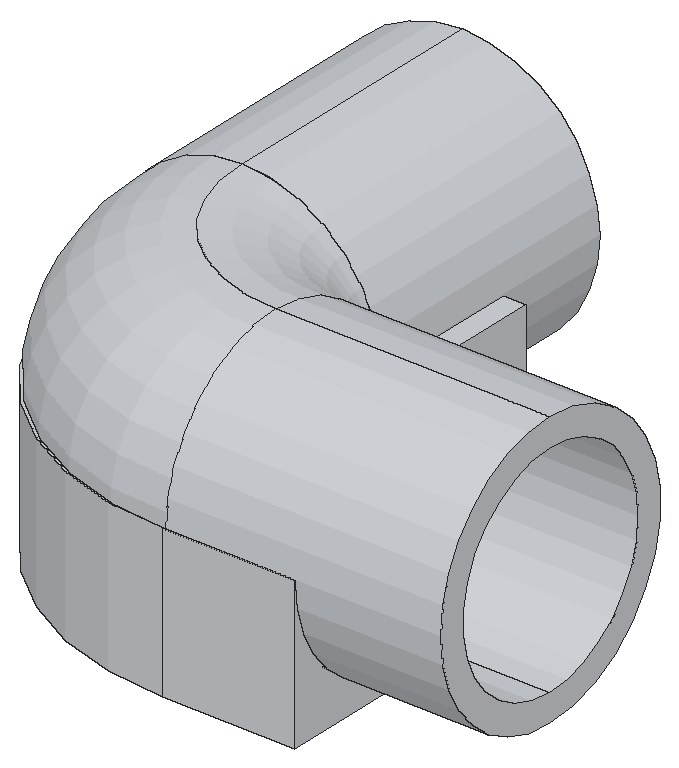
Revit family "IE1G", category Generic Models, Revit 2017
Family settings
  Can host rebar = No
  Round Connector Dimension = Use Diameter
  Part Type = Normal
  Work Plane-Based = Yes
  Always vertical = No
  Cut with Voids When Loaded = No
  Shared = No
  Room Calculation Point = No
Parameters (values of type "NBS Standard Parameters")
  Weight = "0.1945Kg"
  WarrantyStartDate [instance] = "1900-12-31T23:59:59"
  WarrantyGuarantorParts = "n/a"
  WarrantyGuarantorLabor = "n/a"
  WarrantyDurationUnit = "1 year"
  WarrantyDurationParts = "n/a"
  WarrantyDurationLabor = "n/a"
  WarrantyDescription = "n/a"
  Version = "1"
  Uniclass2 = "Pr_65_70_11_20"
  TagNumber [instance] = "n/a"
  SustainabilityPerformance = "n/a"
  Size = "20mm"
  Shape = "n/a"
  SerialNumber [instance] = "n/a"
  Revision = "n/a"
  ReplacementCost = "n/a"
  ProductInformation = "www.metpro.co.uk/pdf/IE1G.pdf"
  NominalWidth = 52 mm
  NominalLength = 52 mm
  NominalHeight = 32 mm
  Name = ""
  NBSTypeID = ""
  NBSReference = "90-55-10/460"
  NBSOfficeMasterTag = ""
  NBSNote = ""
  NBSDescription = "Conduit Fittings"
  NBSCertification = ""
  ModelReference = "IE1G"
  ModelNumber = "n/a"
  Material = "Malleable Iron"
  ManufacturerURL = "www.metpro.co.uk"
  ManufacturerName = "Metpro Ltd"
  Keynote = "Compliant to LU Standard 1-085"
  InstallationDate [instance] = "1900-12-31T23:59:59"
  IfcExportType = ""
  IfcExportAs = ""
  Grade = "n/a"
  Finish = "Galvanised"
  Features = "n/a"
  ExpectedLife = "n/a"
  DurationUnit = "year"
  Description = "IE1G  20mm Conduit Inspection Elbow"
  Default Elevation = 1219.2 mm
  Constituents = "n/a"
  Color = "n/a"
  CodePerformance = "n/a"
  Category = "n/a"
  BarCode [instance] = "n/a"
  BIMObjectName = "Metpro_Metprolibrary_Conduitfittings_Metalcomponents_Steelaccessories"
  Author = "Metpro Ltd"
  AssetType = ""
  AssetIdentifier [instance] = "n/a"
  AccessibilityPerformance = "n/a"
Reference planes
  plane 1 "Center (Front/Back)": y = 0
  plane 2: z = 0
  plane 3 "Center (Left/Right)": x = 0
Forms (mm)
  Extrusion 1, solid
    sketch origin (-75.996, 27.892, 35.138) x (0, -1, 0) y (1, 0, 0)
      loop
        line (31.228, 31.967) -> (6.228, 31.967) -> (6.228, 24.858)
        arc (6.228, 24.858) -> (4.763, 21.322) -> (1.228, 19.858) r 5
        line (1.228, 19.858) -> (-10.196, 19.858) -> (-10.196, -7.282) -> (4.009, -7.282)
        arc (4.009, -7.282) -> (23.256, 0.69) -> (31.228, 19.937) r 27.218
        line (31.228, 19.937) -> (31.228, 31.967)
    from -13.724 to 0
  Sweep 2, solid
    path origin (-75.996, 27.892, 35.138) x (0, -1, 0) y (1, 0, 0)
      loop
        line (18.728, 45.245) -> (18.728, 20.245)
        arc (18.728, 20.245) -> (14.334, 9.638) -> (3.728, 5.245) r 15
        line (3.728, 5.245) -> (-21.272, 5.245)
    profile origin (-43.251, 9.165, 35.138) x (0, -1, 0) y (0, 0, 1)
      loop
        circle (0, 0) r 12.5
      loop
        circle (0, 0) r 10
  Sweep 3, void
    path origin (-75.996, 27.892, 35.138) x (0, -1, 0) y (1, 0, 0)
      loop
        line (18.728, 45.245) -> (18.728, 17.75)
        arc (18.728, 17.75) -> (15.065, 8.907) -> (6.223, 5.245) r 12.505
        line (6.223, 5.245) -> (-26.272, 5.245)
    profile origin (-44.499, 9.165, 35.138) x (0, -1, 0) y (0, 0, 1)
      loop
        circle (0, 0) r 10
Cuts and joins
  Sweep 3 cuts Extrusion 1
Dimensions and locks
  aligned and locked: level to plane 2
